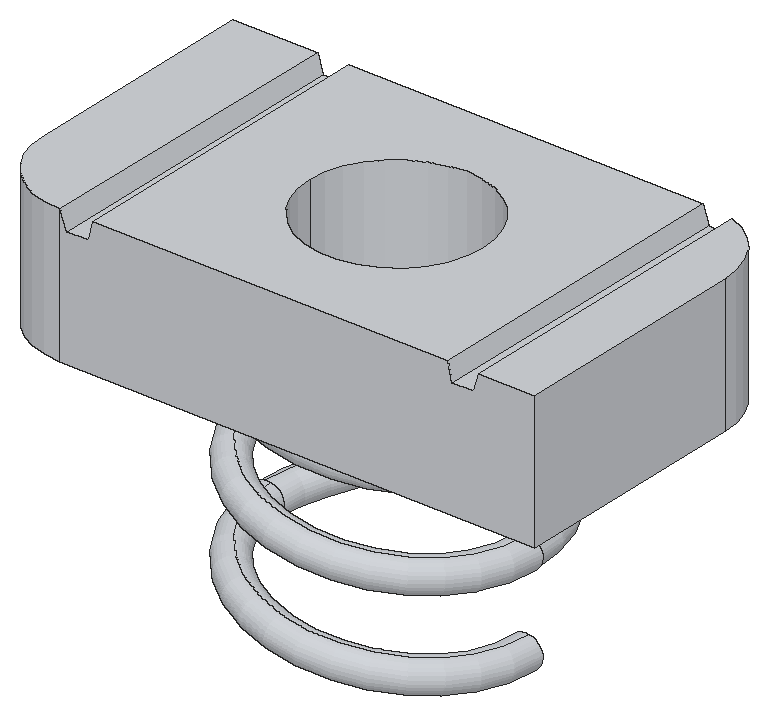
Revit family "CS27", category Generic Models, Revit 2017
Family settings
  Can host rebar = No
  Round Connector Dimension = Use Diameter
  Part Type = Normal
  Work Plane-Based = Yes
  Always vertical = No
  Cut with Voids When Loaded = No
  Shared = No
  Room Calculation Point = No
Parameters (values of type "NBS Standard Parameters")
  Weight = "0.0323Kg"
  WarrantyStartDate [instance] = "1900-12-31T23:59:59"
  WarrantyGuarantorParts = "n/a"
  WarrantyGuarantorLabor = "n/a"
  WarrantyDurationUnit = "year"
  WarrantyDurationParts = "n/a"
  WarrantyDurationLabor = "n/a"
  WarrantyDescription = "n/a"
  Version = "1"
  Uniclass2 = "PR_65_70_11_19"
  TagNumber [instance] = "n/a"
  SustainabilityPerformance = "n/a"
  Size = "M12"
  Shape = "Rectangular"
  SerialNumber [instance] = "n/a"
  Revision = "n/a"
  ReplacementCost = "n/a"
  ProductInformation = ""
  NominalWidth = 19.5 mm
  NominalLength = 34.5 mm
  NominalHeight = 8 mm
  Name = ""
  NBSTypeID = ""
  NBSReference = "90-55-10/305"
  NBSOfficeMasterTag = ""
  NBSNote = ""
  NBSDescription = "Channel Cable Support"
  NBSCertification = ""
  ModelReference = "CS27"
  ModelNumber = "n/a"
  Material = "steel"
  ManufacturerURL = "www.metpro.co.uk"
  ManufacturerName = "Metpro Ltd"
  InstallationDate [instance] = "1900-12-31T23:59:59"
  IfcExportType = ""
  IfcExportAs = ""
  Grade = "n/a"
  Finish = "BZP"
  Features = "n/a"
  ExpectedLife = "n/a"
  DurationUnit = "year"
  Description = "NBS standard template"
  Default Elevation = 1219.2 mm
  Constituents = "n/a"
  Color = "n/a"
  CodePerformance = "n/a"
  Category = "n/a"
  BarCode [instance] = "n/a"
  BIMObjectName = "Role_Source_Type_Generic"
  Author = "Metpro Limited"
  AssetType = ""
  AssetIdentifier [instance] = "n/a"
  AccessibilityPerformance = "n/a"
Reference planes
  plane 1 "Center (Front/Back)": y = 0
  plane 2: z = 0
  plane 3 "Center (Left/Right)": x = 0
Forms (mm)
  Sweep 1, solid
    path origin (-26.459, 111.092, 8.705) x (0, -1, 0) y (-0.984808, 0, 0.173648)
      loop
        arc (100.907, -53) -> (108.907, -45) -> (100.907, -37) r 8
    profile origin (17.857, 2.185, 0.89) x (0, 1, 0) y (-0.173648, 0, -0.984808)
      loop
        circle (0, 0) r 1
  Sweep 2, solid
    path origin (-26.498, -90.722, -9.697) x (0, 1, 0) y (0.984808, 0, 0.173648)
      loop
        arc (100.907, 53) -> (108.907, 45) -> (100.907, 37) r 8
    profile origin (17.818, 18.185, -1.882) x (0, 1, 0) y (0.173648, 0, -0.984808)
      loop
        circle (0, 0) r 1
  Sweep 3, solid
    path origin (-26.459, 111.092, 3.207) x (0, -1, 0) y (-0.984808, 0, 0.173648)
      loop
        arc (100.907, -53) -> (108.907, -45) -> (100.907, -37) r 8
    profile origin (17.857, 2.185, -4.607) x (0, 1, 0) y (-0.173648, 0, -0.984808)
      loop
        circle (0, 0) r 1
  Sweep 4, solid
    path origin (-26.498, -90.722, -15.195) x (0, 1, 0) y (0.984808, 0, 0.173648)
      loop
        arc (100.907, 53) -> (108.907, 45) -> (100.907, 37) r 8
    profile origin (17.818, 18.185, -7.38) x (0, 1, 0) y (0.173648, 0, -0.984808)
      loop
        circle (0, 0) r 1
  Sweep 5, solid
    path origin (-26.459, 111.092, -2.27) x (0, -1, 0) y (-0.984808, 0, 0.173648)
      loop
        arc (100.907, -53) -> (108.907, -45) -> (100.907, -37) r 8
    profile origin (17.857, 2.185, -10.084) x (0, 1, 0) y (-0.173648, 0, -0.984808)
      loop
        circle (0, 0) r 1
  Extrusion 6, solid
    sketch origin (9.979, 10.185, 2.28) x (-0.173648, 0, -0.984808) y (-0.984808, 0, 0.173648)
      loop
        line (0.158, -0.256) -> (-1.146, 1.606) -> (-1.587, -0.891) -> (0.158, -0.256)
    from 0 to 0.704
  Extrusion 7, solid
    sketch origin (11.132, 10.185, 3.687) x (-1, 0, 0) y (0, -1, 0)
      loop
        line (-17.868, -9.846) -> (11.132, -9.846) -> (11.132, 4.654)
        arc (11.132, 4.654) -> (9.668, 8.189) -> (6.132, 9.654) r 5
        line (6.132, 9.654) -> (-22.868, 9.654) -> (-22.868, -4.846)
        arc (-22.868, -4.846) -> (-21.403, -8.382) -> (-17.868, -9.846) r 5
      loop
        circle (-6.725, 0) r 5.3
    from -2.362 to 5.968
  Blend 8, void
    base sketch origin (11.132, 10.185, 9.655) x (1, 0, 0) y (0, -1, 0)
      loop
        line (-4.351, 10.616) -> (-5.663, 10.616) -> (-5.663, -11.971) -> (-4.351, -11.971) -> (-4.351, 10.616)
    top sketch origin (11.132, 10.185, 9.655) x (1, 0, 0) y (0, -1, 0)
      loop
        line (-3.927, 10.616) -> (-6.171, 10.616) -> (-6.171, -11.971) -> (-3.927, -11.971) -> (-3.927, 10.616)
    from 1.069 to -0.53
  Extrusion 9, void
    sketch origin (0, 10.185, -12.47) x (1, 0, 0) y (0, 0, 1)
      loop
        line (28.51, 22.655) -> (28.933, 21.056) -> (30.246, 21.056) -> (30.754, 22.655) -> (28.51, 22.655)
    from -12.9 to 9.654
Cuts and joins
  Blend 8, Extrusion 9 cuts Extrusion 7
Lines and regions (mm)
  model lines
    curve 1: line (26.721, 10.185, -0.672) -> (23.278, 10.185, -0.672)
    curve 2: line (26.721, 10.185, -6.17) -> (23.278, 10.185, -6.17)
Dimensions and locks
  aligned and locked: level to plane 2
